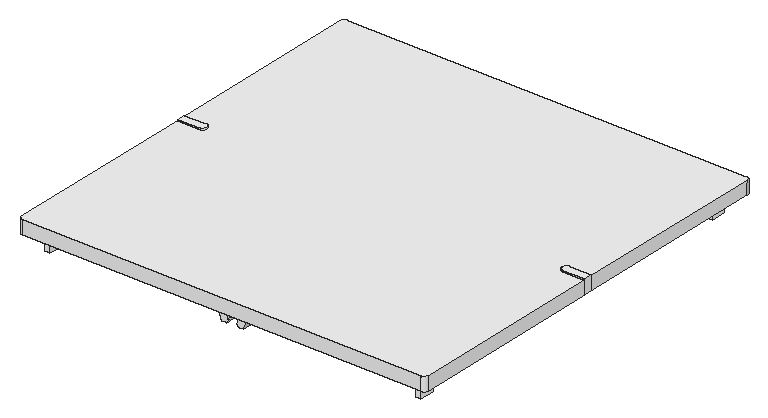
Revit family "Gira_5031126", category Electrical Fixtures, host Face, Revit 2017
Family settings
  Host = Face
  Maintain Annotation Orientation = No
  Round Connector Dimension = Use Diameter
  Part Type = Normal
  Cut with Voids When Loaded = No
  Shared = No
  Room Calculation Point = No
Parameters (values of type "rocker set 1-g inscr. PB sens.4 TS4 black alum.")
  URL = "https://www.gira.de/"
  Type Comments = ""
  Transparent = no
  Radio frequent bidirectional = no
  Model = ""
  Material quality = "Aluminium"
  Material = "Metal"
  Manufacturer = "Gira"
  Keynote = ""
  HeinzeBIM = "https://www.heinze.de/bim/rocker-set-1-g-inscr-pb-sens-4-ts4-black-alum-/e4465480b9e3d43c04a8cd091d00365c7c0d8f63"
  HAN = "5031126"
  GTIN = "4010337072638"
  Description = ""
  Default Elevation = 1219.2 mm
  Cost = 0
  Colour = "Black"
  BIMSITE_PRODUCT_ID = "e4465480b9e3d43c04a8cd091d00365c7c0d8f63"
  BIM = "https://media.live.bim.site/t/eyJhbGciOiJIUzI1NiIsInR5cCI6IkpXVCJ9.eyJjdCI6MSwidGYiOiJwdWJsaWMvZ2lyYS8wOWY1ZGI1LzQwXzUwMjEwMCBUUzQgV2lwcGVuc2V0IDFmYWNoLnJmYSIsImNpZCI6ImZlZDk4ZTlhLTFiZDgtNGM2OC1hNzNiLTc0YTk0ZTMxNTgyMyIsInJpZCI6IjBjOTgxNGVlN2EwODQwYWMzMDc1NDYwZmQ4ZDg2ODc1IiwicGlkIjoiZTQ0NjU0ODBiOWUzZDQzYzA0YThjZDA5MWQwMDM2NWM3YzBkOGY2MyIsInNpZCI6IjYzNDcwIiwidXQiOjUsImxjIjoiZW4iLCJpYXQiOjE2MDc0NDAyMjYsImlzcyI6Imh0dHBzOi8vYXBpLmxpdmUuYmltLnNpdGUiLCJzdWIiOiI4ZDNhYTVjYi1lMDY2LTQ1OTgtYmUxNi02ZTE2ZWU3NDk1NmEifQ.ERTKYl4Tpi28E4ycQ99y-mdtQ8eJfjzlH1Nk8o5R0tA/40_502100 TS4 Wippenset 1fach.rfa"
  Assembly Code = ""
Reference planes
  plane 1 "Center (Front/Back)": y = 0
  plane 2: z = 0
  plane 3 "Center (Left/Right)": x = 0
Lines and regions (mm)
  reference lines
    curve 1: line (0, 47.5, 0) -> (0, -47.5, 0)
Dimensions and locks
  aligned and locked: plane 2 to host face
  aligned and locked: level to host face
Nested families
  nested 1: "40_502100 TS4 Wippenset 1fach" at (0, 0, 0), type "40_502100 TS4 Wippenset 1fach"
Definition of nested family "40_502100 TS4 Wippenset 1fach"
  Parameters
    White = none
  Reference planes
    plane 1 "Center (Front/Back)": y = 0
    plane 2: z = 0
    plane 3 "Center (Left/Right)": x = 0
  Forms (mm)
    Extrusion 1, solid, material <- "White", detail levels fine
      sketch origin (0, 0, 0) x (1, 0, 0) y (0, 1, 0)
        loop
          arc (-46.5, 47.5) -> (-47.207, 47.207) -> (-47.5, 46.5) r 1
          line (-47.5, 46.5) -> (-47.5, 1) -> (-42.5, 1)
          arc (-42.5, 1) -> (-41.5, 0) -> (-42.5, -1) r 1
          line (-42.5, -1) -> (-47.5, -1) -> (-47.5, -46.5)
          arc (-47.5, -46.5) -> (-47.207, -47.207) -> (-46.5, -47.5) r 1
          line (-46.5, -47.5) -> (46.5, -47.5)
          arc (46.5, -47.5) -> (47.207, -47.207) -> (47.5, -46.5) r 1
          line (47.5, -46.5) -> (47.5, -1) -> (42.5, -1)
          arc (42.5, -1) -> (41.5, 0) -> (42.5, 1) r 1
          line (42.5, 1) -> (47.5, 1) -> (47.5, 46.5)
          arc (47.5, 46.5) -> (47.207, 47.207) -> (46.5, 47.5) r 1
          line (46.5, 47.5) -> (-46.5, 47.5)
      from 0 to 3.1
    Extrusion 2, solid, material <- "White", detail levels fine
      sketch origin (0, 0, 0) x (1, 0, 0) y (0, 1, 0)
        loop
          line (43.976, 44.188) -> (-43.976, 44.188) -> (-43.976, -44.188) -> (43.976, -44.188) -> (43.976, 44.188)
      from 0 to -1.5
    Extrusion 3, solid, detail levels fine
      sketch origin (0, 0, 0) x (1, 0, 0) y (0, 0, 1)
        loop
          arc (-1.639, -4) -> (-1.115, -3.694) -> (-1.122, -3.087) r 0.603
          arc (-1.122, -3.087) -> (-0.011, -1.666) -> (1.122, -3.087) r 1.145
          arc (1.122, -3.087) -> (1.115, -3.694) -> (1.639, -4) r 0.603
          line (1.639, -4) -> (2.5, -4) -> (3.5, -1.5) -> (-3.5, -1.5) -> (-2.5, -4) -> (-1.639, -4)
      from 41.985 to 44.199
    Extrusion 4, solid, detail levels fine
      sketch origin (0, 0, 0) x (1, 0, 0) y (0, 0, -1)
        loop
          line (-1.639, 4) -> (-2.5, 4) -> (-3.5, 1.5) -> (3.5, 1.5) -> (2.5, 4) -> (1.639, 4)
          arc (1.639, 4) -> (1.115, 3.694) -> (1.122, 3.087) r 0.603
          arc (1.122, 3.087) -> (-0.011, 1.666) -> (-1.122, 3.087) r 1.145
          arc (-1.122, 3.087) -> (-1.115, 3.694) -> (-1.639, 4) r 0.603
      from 41.985 to 44.199
    Extrusion 5, solid, material <- "White", detail levels medium
      sketch origin (0, 0, 0) x (1, 0, 0) y (0, 1, 0)
        loop
          line (43.976, 44.188) -> (-43.976, 44.188) -> (-43.976, -44.188) -> (43.976, -44.188) -> (43.976, 44.188)
      from 0 to -4
    Extrusion 6, solid, material <- "White", detail levels medium
      sketch origin (0, 0, 0) x (1, 0, 0) y (0, 1, 0)
        loop
          line (-47.5, 47.5) -> (-47.5, -47.5) -> (47.5, -47.5) -> (47.5, 47.5) -> (-47.5, 47.5)
      from 0 to 3.3
    Extrusion 7, solid, material <- "White", detail levels fine
      sketch origin (0, 0, 0) x (1, 0, 0) y (0, 1, 0)
        loop
          line (-43.976, 44.188) -> (-43.976, 40.908) -> (-42.655, 40.908) -> (-42.655, 44.188) -> (-43.976, 44.188)
        loop
          line (43.976, 44.188) -> (42.655, 44.188) -> (42.655, 40.908) -> (43.976, 40.908) -> (43.976, 44.188)
        loop
          line (-43.976, -44.188) -> (-42.655, -44.188) -> (-42.655, -40.908) -> (-43.976, -40.908) -> (-43.976, -44.188)
        loop
          line (43.976, -44.188) -> (43.976, -40.908) -> (42.655, -40.908) -> (42.655, -44.188) -> (43.976, -44.188)
      from 0 to -4
    Extrusion 8, solid, detail levels fine
      sketch origin (0, 0, 0) x (1, 0, 0) y (0, 1, 0)
        loop
          line (-47.5, 1) -> (-47.5, -1) -> (-42.5, -1)
          arc (-42.5, -1) -> (-41.5, 0) -> (-42.5, 1) r 1
          line (-42.5, 1) -> (-47.5, 1)
        loop
          line (47.5, 1) -> (42.5, 1)
          arc (42.5, 1) -> (41.5, 0) -> (42.5, -1) r 1
          line (42.5, -1) -> (47.5, -1) -> (47.5, 1)
      from 0 to 3.3
    Extrusion 9, solid, detail levels coarse
      sketch origin (0, 0, 0) x (1, 0, 0) y (0, 1, 0)
        loop
          line (-47.5, 47.5) -> (-47.5, -47.5) -> (47.5, -47.5) -> (47.5, 47.5) -> (-47.5, 47.5)
      from -4 to 3.3
    Extrusion 10, solid, material <- "White", detail levels fine
      sketch origin (0, 0, 0) x (1, 0, 0) y (0, 1, 0)
        loop
          line (-41.852, 6.181) -> (-43.976, 4.461) -> (-43.976, -4.461) -> (-41.852, -6.181)
          arc (-41.852, -6.181) -> (-38.884, -6.014) -> (-38.763, -3.043) r 2.212
          line (-38.763, -3.043) -> (-38.763, 3.043)
          arc (-38.763, 3.043) -> (-38.884, 6.014) -> (-41.852, 6.181) r 2.212
        loop
          arc (-39.415, 3.847) -> (-39.669, 5.38) -> (-41.223, 5.404) r 1.212
          line (-41.223, 5.404) -> (-42.938, 4.015) -> (-40.57, 1.883) -> (-39.415, 3.847)
        loop
          line (-39.415, -3.847) -> (-40.57, -1.883) -> (-42.938, -4.015) -> (-41.223, -5.404)
          arc (-41.223, -5.404) -> (-39.669, -5.38) -> (-39.415, -3.847) r 1.212
        loop
          arc (41.852, 6.181) -> (38.884, 6.014) -> (38.763, 3.043) r 2.212
          line (38.763, 3.043) -> (38.763, -3.043)
          arc (38.763, -3.043) -> (38.884, -6.014) -> (41.852, -6.181) r 2.212
          line (41.852, -6.181) -> (43.976, -4.461) -> (43.976, 4.461) -> (41.852, 6.181)
        loop
          line (39.415, 3.847) -> (40.57, 1.883) -> (42.938, 4.015) -> (41.223, 5.404)
          arc (41.223, 5.404) -> (39.669, 5.38) -> (39.415, 3.847) r 1.212
        loop
          arc (39.415, -3.847) -> (39.669, -5.38) -> (41.223, -5.404) r 1.212
          line (41.223, -5.404) -> (42.938, -4.015) -> (40.57, -1.883) -> (39.415, -3.847)
      from 0 to -3.1
  Cuts and joins
    joined: Extrusion 2, Extrusion 7, Extrusion 10
  Dimensions and locks
    aligned and locked: level to plane 2
